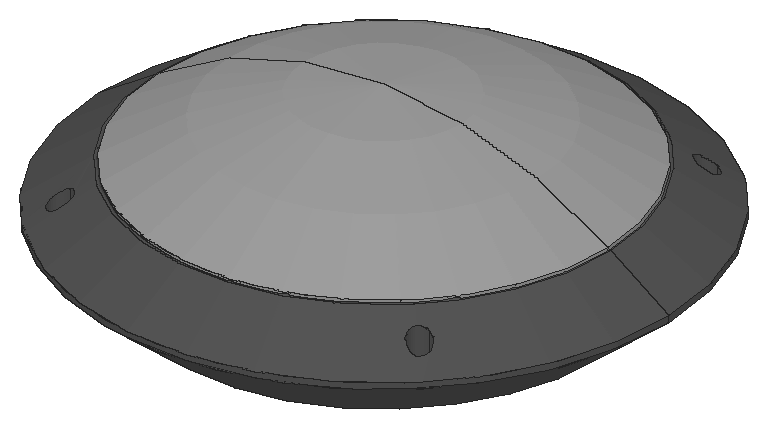
Revit family "0049284+0049342", category Lighting Fixtures, host Face, Revit 2017
Family settings
  Host = Face
  Round Connector Dimension = Use Diameter
  Part Type = Normal
  OmniClass Number = 23.80.70.00
  OmniClass Title = Lighting
  Cut with Voids When Loaded = No
  Light Source = Yes
  Shared = No
  Room Calculation Point = No
Parameters (values of type "0049284 START Surface IP66 1050lm 830 BLK")
  Weight = "4.68 kg"
  Wattage Comments = ""
  Wattage = 12 W
  WarrantyStartDate [instance] = "n/a"
  WarrantyGuarantorParts = "n/a"
  WarrantyDurationUnit = "n/a"
  WarrantyDurationParts = "n/a"
  WarrantyDescription = "n/a"
  built-in parameter 1150110 = 1 (stored number, unit not read)
  Voltage = 0 V
  URL = "http://www.sylvania-lighting.com"
  TypeName = "START Surface IP66 1050lm 830 IK10 BLK"
  Type Image = <None>
  Type Comments = "n/a"
  built-in parameter 1114217 = 1 (stored number, unit not read)
  Tilt Angle = -90.00°
  built-in parameter 1150109 = 1 (stored number, unit not read)
  built-in parameter 1150134 = (empty or 0)
  built-in parameter 1150113 = 1 (stored number, unit not read)
  SerialNumber [instance] = "n/a"
  Photometric Web File = "0049284.ies"
  Material_3_SYL = LED-Sylvania-StartSurfaceIP66
  PowerFactor = 0
  PowerConsumption = "12 W"
  NominalLength = 300 mm
  NominalHeight = 90 mm
  NominalDepth = 300 mm
  Name = "START Surface IP66 1050lm 830 IK10 BLK"
  ModelReference = Name  # "START Surface IP66 1050lm 830 IK10 BLK"
  ModelNumber = "0049284"
  Model = Name  # "START Surface IP66 1050lm 830 IK10 BLK"
  Material = "pc polycarbonate housing, pc polycarbonate diffuser"
  ManufacturerName = "Feilo Sylvania"
  Manufacturer = "Feilo Sylvania"
  LuminousEfficacy = "88 lm/W"
  built-in parameter 1150105 = 84.034 (stored number, unit not read)
  Lumens = 1056 lm
  LuminaireType = ""
  built-in parameter 1150115 = 1 (stored number, unit not read)
  LightOutputRatio = "n/a"
  built-in parameter 1150137 = (empty or 0)
  built-in parameter 1150139 = (empty or 0)
  LampsType = Lamp  # "LED"
  LampNominalLuminous = "1050 lm"
  LampMacAdamStep = "n/a"
  LampColourTemperature = "3000 K"
  LampColourRenderingIndex = "80"
  built-in parameter 1150112 = 1 (stored number, unit not read)
  built-in parameter 1150114 = 1 (stored number, unit not read)
  Lamp = "LED"
  Keynote = "16500"
  InstallationDate [instance] = "n/a"
  InputVoltage = "220-240 V AC"
  InputNominalFrequency = "50/60 Hz"
  built-in parameter 1150132 = (empty or 0)
  built-in parameter 1150102 = (empty or 0)
  built-in parameter 1150107 = 3000 (stored number, unit not read)
  built-in parameter 1150138 = (empty or 0)
  IngressProtection = "IP66"
  ImpactProtectionIndex = "IK10"
  built-in parameter 1150106 = 0.84034 (stored number, unit not read)
  IfcExportType = "IfcLightFixtureType"
  IfcExportAs = "IfcLightFixtureType"
  HoleRad_SYL = 134 mm
  HoleHoleRad_SYL = 6 mm
  HoleAngle_SYL = 45.00°
  Eyelid_SYL = no
  ExpectedLife = 50000
  Emit from Circle Diameter = 200 mm
  Emit Shape Visible in Rendering = no
  ElectricShockClassification = "Class II"
  built-in parameter 1150104 = 8.1755 (stored number, unit not read)
  DurationUnit = "hours"
  DocumentationLiterature = "http://www.sylvania-lighting.com/product/en-int/products/0049284"
  DimmingControlOptions = "n/a"
  Material_2_SYL = Diffuser-Sylvania-StartSurfaceIP66
  Dimming Lamp Color Temperature Shift = <None>
  Description = "LED exterior surface mounted luminaire, 1050lm, 12W power consumption, 88lm/W efficacy, 3000K color temperature, CRI80, non-dimmable, IP66, IK10, 50,000 hours (L70), black housing, vandal resistant"
  Default Elevation = 1219.2 mm
  CreatedOn = "7/17/2019"
  CreatedBy = "@sylvania-lighting.com"
  Cost = 0
  Color Filter = 16777215
  built-in parameter 1114216 [instance] = (empty or 0)
  ClassificationValue = "EF_70_80"
  ClassificationName = "Uniclass2015"
  Material_1_SYL = Body-Sylvania-StartSurfaceIP66-Black
  BarCode [instance] = "n/a"
  built-in parameter 1114218 = 1 (stored number, unit not read)
  built-in parameter 1150133 = 10 (stored number, unit not read)
  AssetType = "Fixed"
  AssetIdentifier [instance] = "n/a"
  Assembly Code = "D5020200"
  Apparent Load = 12 VA
Types (2, lengths in mm): name | Photometric Web File | Eyelid_SYL
  0049284 START Surface IP66 1050lm 830 BLK | "0049284.ies" | no
  0049284+0049342 START Surface IP66 1050lm 830 BLK + Eyelid | "0049284+0049342.ies" | yes
Reference planes
  plane 1 "Center (Front/Back)": y = 0
  plane 2: z = 0
  plane 3 "Center (Left/Right)": x = 0
  plane 4: x = 150
  plane 5: x = -150
  plane 6: z = 90
  plane 7: z = 30
  plane 8: z = 54
  plane 9: x = -113
  plane 10: x = 113
  plane 11: x = -118
  plane 12: z = 33
  plane 13: z = 51
  plane 14: z = 87
  plane 15: z = 92
  plane 16: x = -148
  plane 17: y = -13
Forms (mm)
  Revolve 1, solid, material "Diffuser-Sylvania-StartSurfaceIP66" <- "Material_2_SYL"
    sketch origin (0, 0, 0) x (1, 0, 0) y (0, 0, 1)
      loop
        arc (0, 90) -> (-61.685, 80.8) -> (-118, 54) r 211.389
        line (-118, 54) -> (-118, 51) -> (-117.081, 51)
        arc (-117.081, 51) -> (-61.245, 77.797) -> (0, 87) r 208.389
        line (0, 87) -> (0, 90)
      axis (0, 90) -> (0, 51)
    angle from 360 to 0
  Revolve 2, solid, material "Body-Sylvania-StartSurfaceIP66-Black" <- "Material_1_SYL"
    sketch origin (0, 0, 0) x (1, 0, 0) y (0, 0, 1)
      loop
        line (0, 0) -> (0, 33) -> (-118, 33) -> (-118, 52.116)
        arc (-118, 52.116) -> (-118.529, 53.009) -> (-119.566, 52.973) r 1.017
        line (-119.566, 52.973) -> (-150, 33) -> (-150, 30) -> (-113, 0) -> (0, 0)
      axis (0, 52.973) -> (0, 0)
    angle from 360 to 0
  Extrusion 3, void
    sketch origin (-1534.635, -4572, 33) x (0, -1, 0) y (-1, 0, 0)
      loop
        circle (-4666.752, -1439.882) r 6
      loop
        circle (-4666.752, -1629.387) r 6
      loop
        circle (-4477.248, -1439.882) r 6
      loop
        circle (-4477.248, -1629.387) r 6
    from -18 to 0
  Revolve 4, solid, material "Body-Sylvania-StartSurfaceIP66-Black" <- "Material_1_SYL", visible <- "Eyelid_SYL"
    sketch origin (0, 0, 0) x (1, 0, 0) y (0, 0, 1)
      loop
        line (0, 90) -> (0, 92)
        arc (0, 92) -> (-79.423, 77.068) -> (-148, 34.313) r 218.694
        line (-148, 34.313) -> (-118, 54)
        arc (-118, 54) -> (-61.685, 80.8) -> (0, 90) r 211.389
      axis (0, 92) -> (0, 34.313)
    angle from 360 to 0
  Extrusion 5, void
    sketch origin (-1534.635, -4572, 33) x (0, -1, 0) y (-1, 0, 0)
      loop
        line (-4367.393, -1384.635) -> (-4559, -1384.635)
        arc (-4559, -1384.635) -> (-4572, -1534.635) -> (-4559, -1684.635) r 871.885
        line (-4559, -1684.635) -> (-4367.393, -1684.635) -> (-4367.393, -1384.635)
    from -82.978 to 19.568
Cuts and joins
  Extrusion 3 cuts Revolve 2
  Extrusion 3, Extrusion 5 cuts Revolve 4
Lines and regions (mm)
  reference lines
    curve 1: line (-150, 0, 33) -> (-118, 0, 54)
    curve 2: circle (0, 0, 0) r 134 normal (0, 0, 1)
    curve 3: line (0, 0, 0) -> (-94.752, 94.752, 0)
    curve 4: line (0, 0, 0) -> (94.752, 94.752, 0)
    curve 5: line (0, 0, 0) -> (-94.752, -94.752, 0)
    curve 6: line (0, 0, 0) -> (94.752, -94.752, 0)
Dimensions and locks
  locked: plane 6 to plane 2 at 90
  plane 8 to plane 7 to plane 2 = 24 mm locked, 30 mm locked
  equal spacing: plane 4, plane 3 "Center (Left/Right)", plane 5
  locked: plane 4 to plane 5 at 300
  equal spacing: plane 10, plane 3 "Center (Left/Right)", plane 9
  locked: plane 9 to plane 5 at 37
  locked: plane 9 to plane 11 at 5
  locked: plane 12 to plane 7 at 3
  locked: plane 8 to plane 13 at 3
  locked: plane 6 to plane 14 at 3
  locked: plane 15 to plane 6 at 2
  locked: plane 16 to plane 5 at 2
  locked: plane 17 to plane 1 "Center (Front/Back)" at 13
  "HoleRad_SYL": radius of curve 2
  "HoleHoleRad_SYL": radius of Extrusion 3 sketch curve  (x4)
  "HoleAngle_SYL": angle curve 3 to plane 1 "Center (Front/Back)"
  "HoleAngle_SYL": angle plane 1 "Center (Front/Back)" to curve 4
  "HoleAngle_SYL": angle plane 1 "Center (Front/Back)" to curve 5
  "HoleAngle_SYL": angle curve 6 to plane 1 "Center (Front/Back)"
  aligned and locked: plane 2 to host face
  aligned and locked: level to host face
  aligned and locked: plane 5 to curve 1
  aligned and locked: plane 11 to curve 1
  aligned and locked: Revolve 1 sketch curve to plane 3 "Center (Left/Right)"
  aligned and locked: curve 1 to Revolve 1 sketch curve
  aligned and locked: plane 6 to Revolve 1 sketch curve
  aligned and locked: plane 3 "Center (Left/Right)" to Revolve 1 sketch curve  (x2)
  aligned and locked: plane 11 to Revolve 1 sketch curve  (x2)
  aligned and locked: plane 13 to Revolve 1 sketch curve  (x2)
  aligned and locked: plane 14 to Revolve 1 sketch curve
  aligned and locked: Revolve 2 sketch curve to plane 3 "Center (Left/Right)"  (x2)
  aligned and locked: level to Revolve 2 sketch curve
  aligned and locked: plane 5 to Revolve 2 sketch curve
  aligned and locked: Revolve 2 sketch curve to curve 1
  aligned and locked: plane 3 "Center (Left/Right)" to curve 3
  aligned and locked: plane 13 to Extrusion 3
  aligned and locked: Extrusion 3 to plane 12
  aligned and locked: Revolve 2 sketch curve to plane 12
  aligned and locked: Revolve 4 sketch curve to plane 3 "Center (Left/Right)"  (x2)
  aligned and locked: Revolve 1 to Revolve 4 sketch curve
  aligned and locked: Revolve 4 sketch curve to curve 1
  aligned and locked: plane 11 to Revolve 4 sketch curve
  aligned and locked: plane 16 to Revolve 4 sketch curve
  aligned and locked: plane 15 to Revolve 4 sketch curve
  aligned and locked: plane 4 to Extrusion 5
  aligned and locked: Extrusion 5 to plane 5
  aligned and locked: plane 3 "Center (Left/Right)" to imposter light
  aligned and locked: imposter light to plane 1 "Center (Front/Back)"
  aligned and locked: plane 8 to imposter light
Automatic sketch dimensions
  host sketch curve to host sketch curve = 600 mm  (x2)
  curve 1 to plane 8 = 0 mm
  curve 1 to plane 12 = 0 mm
  Revolve 1 sketch curve to Revolve 1 sketch curve = 0 mm
  Revolve 1 sketch curve to Revolve 1 sketch curve = 488.211 mm
  Revolve 1 sketch curve to Revolve 1 sketch curve = 2519.058 mm
  plane 1 "Center (Front/Back)" to curve 2 = 0 mm
  curve 2 to plane 3 "Center (Left/Right)" = 0 mm
  plane 1 "Center (Front/Back)" to curve 4 = 0 mm
  Extrusion 3 sketch curve to plane 10 = 18.248 mm  (x2)
  Extrusion 3 sketch curve to plane 1 "Center (Front/Back)" = 94.752 mm  (x2)
  plane 9 to Extrusion 3 sketch curve = 18.248 mm  (x2)
  plane 1 "Center (Front/Back)" to Extrusion 3 sketch curve = 94.752 mm  (x2)
  Revolve 2 sketch curve to plane 9 = 0 mm
  Revolve 2 sketch curve to plane 7 = 0 mm
  Revolve 2 sketch curve to plane 8 = 1.027 mm
  Revolve 2 sketch curve to Revolve 2 sketch curve = 0.549 mm
  Revolve 2 sketch curve to level = 609.6 mm
  plane 6 to Revolve 2 sketch curve = 2519.058 mm
  Revolve 2 sketch curve to plane 11 = 0 mm
  Revolve 4 sketch curve to plane 6 = 0 mm
  Revolve 4 sketch curve to Revolve 4 sketch curve = 482.906 mm
  Revolve 4 sketch curve to Revolve 4 sketch curve = 2517.058 mm
  Extrusion 5 sketch curve to plane 5 = 0 mm
  Extrusion 5 sketch curve to plane 4 = 0 mm
  plane 17 to Extrusion 5 sketch curve = 191.607 mm
  Extrusion 5 sketch curve to Extrusion 5 sketch curve = 667.277 mm
  plane 17 to Extrusion 5 sketch curve = 0 mm  (x2)
Connectors
  electrical at (0, 0, 0), driven by "Apparent Load", driven by "PowerFactor", driven by "Voltage"
    settings: index 1, voltage 0 V, apparent load 12 VA, apparent load phase1 0 VA, apparent load phase2 0 VA, apparent load phase3 0 VA, power factor 0, load classification "Lighting", number of poles 1, system type 30, power factor state 1, is connector primary yes, connector utility no, sub classification motor no, connector description ""
